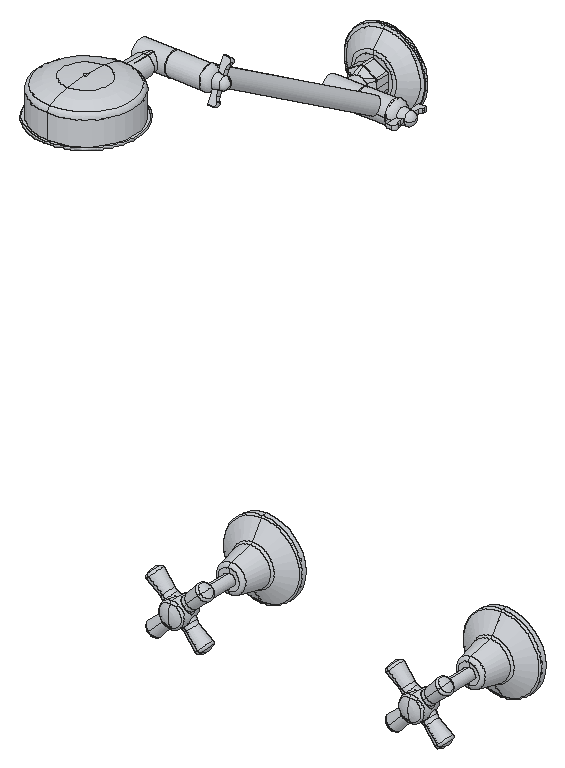
Revit family "Reece_Shower_Base_Shower Set_Anti-Vandal", category Plumbing Fixtures, Revit 2018
Family settings
  Round Connector Dimension = Use Diameter
  Part Type = Normal
  Work Plane-Based = Yes
  Always vertical = Yes
  Cut with Voids When Loaded = Yes
  Shared = Yes
  Room Calculation Point = Yes
Parameters (values of type "Chrome")
  URL = "https://www.reece.com.au/product/-9505432"
  Type Comments = "Shower"
  Reece_Tap_Axis Distance [instance] = 200 mm
  Reece_Detail_Disclaimer = "THIS FILE IS THE PROPERTY OF THE REECE GROUP. IT MAY NOT BE REPRODUCED, REVERSE-ENGINEERED OR MODIFIED. ANY REPUBLICATION, TRANSMISSION OR DISTRIBUTION FOR THE PURPOSE OF COMMERCIALLY EXPLOITING THE FILES IS PROHIBITED."  # constant formula
  Reece_Axis_Offset [instance] = if(Reece_Tap_Axis Distance < 100 mm, 100 mm, if(Reece_Tap_Axis Distance > 55 mm, Reece_Tap_Axis Distance, Reece_Tap_Axis Distance))  # 200 mm
  Reece_Shower_Head_Width = 80 mm  # constant formula
  Reece_Shower_Reach = 228 mm  # constant formula
  Reece_Shower_Inlet = 12 mm  # constant formula
  Reece_Shower Head_Rotation [instance] = 120.00°
  Reece_Rotation [instance] = if(Reece_Shower Head_Rotation < 25.00°, 25.00°, if(Reece_Shower Head_Rotation > 180.00°, 180.00°, Reece_Shower Head_Rotation))  # 120.00°
  Reece_Product_Web Page = "https://www.reece.com.au/product/-9505432"
  Reece_Product_Type = "Shower"  # constant formula
  Reece_Product_Sub Brand = "Base"  # constant formula
  Reece_Product_Number = "9505432"
  Reece_Product_Mount = "Wall Mounted"
  Reece_Product_Description = "Base Shower Set Anti-Vandal Chrome (3 Star)"
  Reece_Product_Brand = "Base"  # constant formula
  Reece_Mixer_Height [instance] = 800 mm
  Reece_Material_Secondary = Reece_Brass_Chrome
  Reece_Material_Main = Reece_Brass_Chrome
  Reece_Material_Colour = Reece_Plastic_White
  Reece_Height_From_Level [instance] = 1200 mm
  Reece_Detail_Installation = "Shower Set"  # constant formula
  Reece_Detail_Additional = "Anti-Vandal"  # constant formula
  Model = "Base"
  Manufacturer = "Base"
  Keynote = "Product #9505432, Reece_Shower_Base_Shower Set_Anti-Vandal - Chrome"
  Disclaimer = "THIS FILE IS THE PROPERTY OF THE REECE GROUP. IT MAY NOT BE REPRODUCED, REVERSE-ENGINEERED OR MODIFIED. ANY REPUBLICATION, TRANSMISSION OR DISTRIBUTION FOR THE PURPOSE OF COMMERCIALLY EXPLOITING THE FILES IS PROHIBITED."  # constant formula
  Description = "Base Shower Set Anti-Vandal Chrome (3 Star)"
  Default Elevation = 0 mm
Reference planes
  plane 1 "Center (Front/Back)": y = 0
  plane 2 "Height From Floor": z = 1200
  plane 3 "Center (Left/Right)": x = 0
  plane 4 "Bottom Of Invisible Line": z = -5
  plane 5: y = -42.55
  plane 6: x = 40.36
  plane 7: z = 800
  plane 8: x = -100
  plane 9: x = 100
Lines and regions (mm)
  model lines, style "InvisibleLines"
    curve 1: line (0, 0, -5) -> (0, 0, 1200)
Text (mm)
  text "Reece ©" at (2396.383, -2145.859, 3474.57), in view "Reece Preview"
  text "Reece Copyright © 2018, Reece Ltd." at (74.481, -287.154, 0), in view "Ref. Level"
Dimensions and locks
  level to plane 2 "Height From Floor" = 1200 mm
  locked: level to plane 4 "Bottom Of Invisible Line" at 5
  "Reece_Height_From_Level": plane 2 "Height From Floor" to level
  "Reece_Axis_Offset": plane 8 to plane 9
  plane 8 to plane 9 = 200 mm
  plane 2 "Height From Floor" to level = 1200 mm
  plane 2 "Height From Floor" to plane 7 = 400 mm
  equal spacing: plane 8, plane 3 "Center (Left/Right)", plane 9
  "Reece_Mixer_Height": plane 7 to level
  aligned and locked: plane 2 "Height From Floor" to curve 1
  aligned and locked: plane 4 "Bottom Of Invisible Line" to curve 1
  aligned and locked: plane 3 "Center (Left/Right)" to curve 1
  aligned and locked: nested 1 to plane 2 "Height From Floor"
  aligned and locked: nested 2 to plane 7
  aligned and locked: nested 3 to plane 7
  aligned and locked: nested 2 to plane 8
  aligned and locked: nested 3 to plane 9
Automatic sketch dimensions
  curve 1 to plane 3 "Center (Left/Right)" = 0 mm
Nested families
  nested 1: "Reece_Shower_Base_Shower Set_Anti-Vandal_Nested" at (0, 0, 1200), Reece_Material_Main <- "Reece_Material_Main", Reece_Material_Secondary <- "Reece_Material_Secondary", Reece_Shower_Head_Rotation <- "Reece_Shower Head_Rotation", type "Reece_Shower_Base_Shower Set_Anti-Vandal_Nested"
    with Reece_Shower_Head_Rotation 120.00°, Reece_Rotation 120.00°, Reece_Material_Secondary Reece_Brass_Chrome, Reece_Material_Main Reece_Brass_Chrome
  nested 2: "Reece_Tap_Base_Wall Top Assembly_Anti Vandal_Nested" at (-100, 0, 800) x (1, 0, 0) z (0, -1, 0), Reece_Material_Main <- "Reece_Material_Main", type "Reece_Tap_Base_Wall Top Assembly_Nested"
    with Reece_Material_Main Reece_Brass_Chrome
  nested 3: "Reece_Tap_Base_Wall Top Assembly_Anti Vandal_Nested" at (100, 0, 800) x (1, 0, 0) z (0, -1, 0), Reece_Material_Main <- "Reece_Material_Main", type "Reece_Tap_Base_Wall Top Assembly_Nested"
    with Reece_Material_Main Reece_Brass_Chrome
Connectors
  piping at (0, 0, 1200), diameter 12, driven by "Reece_Shower_Inlet"
    settings: on nested 1, index 4, connector inside diameter 609.6 mm, connector length 0 mm, flow factor 0, pipe flow 0.0 L/s, pressure drop 0.0 Pa, fitting loss kfactor 0, connector angle 0.00°, fixture units 0, engagement length 0 mm, angle of deflection 0.00°, flow configuration 0, flow direction 1, fitting loss method 0, system type 29, joint type 0, gender type 0, connector reference index -1, connector utility 0, adjustable connector no, is connector primary yes, connector description ""
  piping at (100, -7.553, 800), diameter 12, driven by "Reece_Shower_Inlet"
    settings: on nested 3, index 5, connector inside diameter 609.6 mm, connector length 0 mm, flow factor 0, pipe flow 0.0 L/s, pressure drop 0.0 Pa, fitting loss kfactor 0, connector angle 0.00°, fixture units 0, engagement length 0 mm, angle of deflection 0.00°, flow configuration 0, flow direction 1, fitting loss method 0, system type 29, joint type 0, gender type 0, connector reference index -1, connector utility 0, adjustable connector no, is connector primary no, connector description ""
  piping at (-100, -7.553, 800), diameter 12, driven by "Reece_Shower_Inlet"
    settings: on nested 2, index 6, connector inside diameter 609.6 mm, connector length 0 mm, flow factor 0, pipe flow 0.0 L/s, pressure drop 0.0 Pa, fitting loss kfactor 0, connector angle 0.00°, fixture units 0, engagement length 0 mm, angle of deflection 0.00°, flow configuration 0, flow direction 1, fitting loss method 0, system type 29, joint type 0, gender type 0, connector reference index -1, connector utility 0, adjustable connector no, is connector primary no, connector description ""
Definition of nested family "Reece_Shower_Base_Shower Set_Anti-Vandal_Nested"
  Parameters (values of type "Reece_Shower_Base_Shower Set_Anti-Vandal_Nested")
    Waste Connection = no
    WFU = 0
    Vent Connection = no
    URL = ""
    Type Comments = ""
    Reece_Shower_Head_Rotation [instance] = 120.00°
    Reece_Rotation [instance] = if(Reece_Shower_Head_Rotation < 25.00°, 25.00°, if(Reece_Shower_Head_Rotation > 180.00°, 180.00°, Reece_Shower_Head_Rotation))  # 120.00°
    Reece_Material_Secondary [instance] = none
    Reece_Material_Main [instance] = none
    Model = ""
    Manufacturer = ""
    Keynote = ""
    HWFU = 0
    HW Connection = no
    Description = ""
    Default Elevation = 0 mm
    Cost = 0
    CWFU = 0
    CW Connection = no
    Assembly Code = ""
  Reference planes
    plane 1 "Center (Front/Back)": y = 0
    plane 2 "Height From Floor": z = 0
    plane 3 "Center (Left/Right)": x = 0
    plane 4 "Bottom Of Invisible Line": z = -5
    plane 5: y = -42.55
    plane 6: x = 40.36
  Forms (mm)
    Extrusion 1, solid, material <- "Reece_Material_Secondary"
      sketch origin (0, 0, 0) x (0, 1, 0) y (0, 0, 1)
        loop
          circle (-42.56, 0) r 5.325
      from -13.091 to -12.147
    Revolve 2, solid, material <- "Reece_Material_Main"
      sketch origin (8.752, 0, 0) x (1, 0, 0) y (0, 1, 0)
        loop
          line (-20.9, -42.56) -> (32.397, -42.56) -> (32.397, -33.06) -> (6.248, -33.06) -> (6.248, -35.451) -> (5.448, -35.451) -> (5.448, -33.06) -> (-21.843, -33.06) -> (-21.843, -37.235) -> (-20.9, -37.235) -> (-20.9, -42.56)
        axis (-21.843, -42.56) -> (32.397, -42.56)
      angle from 0 to 360
    Revolve 3, solid, material <- "Reece_Material_Main"
      sketch origin (8.752, 0, 0) x (1, 0, 0) y (0, 1, 0)
        loop
          line (-8.752, -42.56) -> (-8.752, -29.864) -> (-16.925, -29.864) -> (-16.925, -42.56) -> (-8.752, -42.56)
        axis (-8.752, -29.864) -> (-8.752, -42.56)
      angle from 0 to 360
    Revolve 4, solid, material <- "Reece_Material_Main"
      sketch origin (0, -20.158, 1168.688) x (0, -1, 0) y (0, 0, 1)
        loop
          line (-20.158, -1134.688) -> (-20.158, -1160.279) -> (-18.238, -1160.279) -> (-18.238, -1168.688) -> (-6.531, -1168.688) -> (-6.531, -1152.309)
          arc (-6.531, -1152.309) -> (-6.739, -1150.817) -> (-7.347, -1149.438) r 5.463
          arc (-7.347, -1149.438) -> (-11.825, -1143.152) -> (-17.088, -1137.506) r 58.856
          arc (-17.088, -1137.506) -> (-17.935, -1136.51) -> (-18.164, -1135.223) r 2.504
          arc (-18.164, -1135.223) -> (-18.345, -1134.842) -> (-18.737, -1134.688) r 0.574
          line (-18.737, -1134.688) -> (-20.158, -1134.688)
        axis (-20.158, -1168.688) -> (-6.531, -1168.688)
      angle from 0 to 360
    Revolve 5, solid, material <- "Reece_Material_Secondary"
      sketch origin (8.752, 0, 0) x (1, 0, 0) y (0, 1, 0)
        loop
          line (31.578, -42.531) -> (49.006, -42.531)
          arc (49.006, -42.531) -> (47.75, -39.039) -> (44.529, -37.196) r 5.368
          line (44.529, -37.196) -> (38.011, -36.099)
          arc (38.011, -36.099) -> (35.395, -33.223) -> (31.578, -32.484) r 6.17
          line (31.578, -32.484) -> (31.578, -42.531)
        axis (31.578, -42.531) -> (49.006, -42.531)
      angle from 0 to 360
    Sweep 6, solid, material <- "Reece_Material_Secondary"
      path origin (8.752, 0, 0) x (1, 0, 0) y (0, 1, 0)
        loop
          line (38.443, -59.478) -> (43.132, -59.208)
          arc (43.132, -59.208) -> (45.039, -58.142) -> (45.38, -55.984) r 2.5
          arc (45.38, -55.984) -> (45.159, -55.471) -> (44.829, -55.02) r 2.5
          arc (44.829, -55.02) -> (43.852, -53.452) -> (43.511, -51.637) r 5
          line (43.511, -51.637) -> (43.511, -32.799)
          arc (43.511, -32.799) -> (43.852, -30.984) -> (44.829, -29.416) r 5
          arc (44.829, -29.416) -> (45.159, -28.965) -> (45.38, -28.452) r 2.5
          arc (45.38, -28.452) -> (45.039, -26.294) -> (43.132, -25.228) r 2.5
          line (43.132, -25.228) -> (38.443, -24.958) -> (38.443, -59.478)
      profile origin (47.195, -42.218, 0) x (-1, 0, 0) y (0, 0, 1)
        loop
          line (-1.606, -1.5) -> (-0.169, -1.5)
          arc (-0.169, -1.5) -> (0, 0) -> (-0.169, 1.5) r 6.748
          line (-0.169, 1.5) -> (-1.606, 1.5) -> (-1.606, -1.5)
    Extrusion 7, solid, material <- "Reece_Material_Secondary"
      sketch origin (8.752, 0, 0) x (1, 0, 0) y (0, 1, 0)
        loop
          line (39.774, -58.067) -> (43.056, -57.878)
          arc (43.056, -57.878) -> (44.071, -57.151) -> (43.849, -55.921) r 1.168
          arc (43.849, -55.921) -> (42.611, -53.936) -> (42.179, -51.637) r 6.332
          line (42.179, -51.637) -> (42.179, -32.799)
          arc (42.179, -32.799) -> (42.611, -30.5) -> (43.849, -28.515) r 6.332
          arc (43.849, -28.515) -> (44.071, -27.285) -> (43.056, -26.558) r 1.168
          line (43.056, -26.558) -> (39.774, -26.369) -> (39.774, -58.067)
      from -1.5 to 1.5
    Revolve 8, solid, material <- "Reece_Material_Main"
      sketch origin (27.156, -239.815, 113.891) x (0, 0.5, 0.866025) y (-1, 0, 0)
        loop
          line (0.05, 39.304) -> (0.05, -16.233) -> (9.55, -16.233) -> (9.55, 12.156) -> (7.159, 12.156) -> (7.159, 12.956) -> (9.55, 12.956) -> (9.55, 40.247) -> (5.376, 40.247) -> (5.376, 39.304) -> (0.05, 39.304)
        axis (0.05, 40.247) -> (0.05, -16.233)
      angle from 0 to 360
    Extrusion 9, solid, material <- "Reece_Material_Secondary"
      sketch origin (-12.147, -239.789, 113.934) x (0, 0.5, 0.866025) y (0, 0.866025, -0.5)
        loop
          circle (0, 0) r 5.325
      from 0.943 to -27.291
    Extrusion 10, solid, material <- "Reece_Material_Main"
      sketch origin (0, 0, 0) x (1, 0, 0) y (0, 0, 1)
        loop
          line (-1, 13.279) -> (-11, 7.506)
          arc (-11, 7.506) -> (-11.732, 6.774) -> (-12, 5.774) r 2
          line (-12, 5.774) -> (-12, 0) -> (-12, -5.774)
          arc (-12, -5.774) -> (-11.732, -6.774) -> (-11, -7.506) r 2
          line (-11, -7.506) -> (-1, -13.279)
          arc (-1, -13.279) -> (0, -13.547) -> (1, -13.279) r 2
          line (1, -13.279) -> (11, -7.506)
          arc (11, -7.506) -> (11.732, -6.774) -> (12, -5.774) r 2
          line (12, -5.774) -> (12, 0) -> (12, 5.774)
          arc (12, 5.774) -> (11.732, 6.774) -> (11, 7.506) r 2
          line (11, 7.506) -> (1, 13.279)
          arc (1, 13.279) -> (0, 13.547) -> (-1, 13.279) r 2
      from 13.63 to 25.409
    Revolve 11, solid, material <- "Reece_Material_Main"
      sketch origin (27.156, -42.55, 0) x (0, -0.866025, 0.5) y (0, -0.5, -0.866025)
        loop
          line (227.782, 0) -> (0, 0) -> (0, -7) -> (227.782, -7) -> (227.782, 0)
        axis (0, 0) -> (227.782, 0)
      angle from 0 to 360
    Revolve 12, solid, material <- "Reece_Material_Secondary"
      sketch origin (27.156, -239.815, 113.891) x (0, 0.5, 0.866025) y (-1, 0, 0)
        loop
          line (0.07, -16.233) -> (0.07, -33.651)
          arc (0.07, -33.651) -> (3.333, -32.284) -> (5.037, -29.184) r 5.368
          line (5.037, -29.184) -> (6.134, -22.666)
          arc (6.134, -22.666) -> (9.009, -20.05) -> (9.749, -16.233) r 6.17
          line (9.749, -16.233) -> (0.07, -16.233)
        axis (0.07, -33.651) -> (0.07, -16.233)
      angle from 0 to 360
    Sweep 13, solid, material <- "Reece_Material_Secondary"
      path origin (27.156, -239.815, 113.891) x (0, 0.5, 0.866025) y (-1, 0, 0)
        loop
          line (-16.878, -23.098) -> (-16.607, -27.788)
          arc (-16.607, -27.788) -> (-15.541, -29.694) -> (-13.384, -30.035) r 2.5
          arc (-13.384, -30.035) -> (-12.871, -29.814) -> (-12.42, -29.484) r 2.5
          arc (-12.42, -29.484) -> (-10.852, -28.507) -> (-9.037, -28.166) r 5
          line (-9.037, -28.166) -> (9.801, -28.166)
          arc (9.801, -28.166) -> (11.617, -28.507) -> (13.185, -29.484) r 5
          arc (13.185, -29.484) -> (13.636, -29.814) -> (14.148, -30.035) r 2.5
          arc (14.148, -30.035) -> (16.306, -29.694) -> (17.372, -27.788) r 2.5
          line (17.372, -27.788) -> (17.642, -23.098) -> (-16.878, -23.098)
      profile origin (50.254, -239.623, 114.222) x (-1, 0, 0) y (0, -0.866025, 0.5)
        loop
          line (-1.606, 1.416) -> (-1.606, -1.584) -> (-0.169, -1.584)
          arc (-0.169, -1.584) -> (0, -0.084) -> (-0.169, 1.416) r 6.748
          line (-0.169, 1.416) -> (-1.606, 1.416)
    Extrusion 14, solid, material <- "Reece_Material_Secondary"
      sketch origin (27.156, -239.815, 113.891) x (0, 0.5, 0.866025) y (-1, 0, 0)
        loop
          line (-15.706, -24.203) -> (-15.503, -27.724)
          arc (-15.503, -27.724) -> (-14.635, -28.936) -> (-13.168, -28.67) r 1.394
          arc (-13.168, -28.67) -> (-11.254, -27.477) -> (-9.037, -27.06) r 6.106
          line (-9.037, -27.06) -> (9.801, -27.06)
          arc (9.801, -27.06) -> (12.018, -27.477) -> (13.933, -28.67) r 6.106
          arc (13.933, -28.67) -> (15.4, -28.936) -> (16.268, -27.724) r 1.394
          line (16.268, -27.724) -> (16.471, -24.203) -> (-15.706, -24.203)
      from -1.584 to 1.416
    Revolve 15, void
      sketch origin (27.156, -42.55, 0) x (0, -0.866025, 0.5) y (0, -0.5, -0.866025)
        loop
          line (0, -7) -> (10.141, -7) -> (10.141, 0) -> (0, 0) -> (0, -7)
        axis (10.141, 0) -> (0, 0)
      angle from 0 to 360
    Revolve 16, void
      sketch origin (0, -239.815, 113.891) x (0, -1, 0) y (0, 0, 1)
        loop
          line (0, 0) -> (0, -7.6) -> (35, -7.6) -> (35, 0) -> (0, 0)
        axis (0, 0) -> (35, 0)
      angle from 0 to 360
    Blend 17, solid, material <- "Reece_Material_Main"
      base sketch origin (0, -24.55, 1800) x (-1, 0, 0) y (0, 0, -1)
        loop
          line (-11, 1792.494) -> (-1, 1786.721)
          arc (-1, 1786.721) -> (0, 1786.453) -> (1, 1786.721) r 2
          line (1, 1786.721) -> (11, 1792.494)
          arc (11, 1792.494) -> (11.732, 1793.226) -> (12, 1794.226) r 2
          line (12, 1794.226) -> (12, 1800) -> (12, 1805.774)
          arc (12, 1805.774) -> (11.732, 1806.774) -> (11, 1807.506) r 2
          line (11, 1807.506) -> (1, 1813.279)
          arc (1, 1813.279) -> (0, 1813.547) -> (-1, 1813.279) r 2
          line (-1, 1813.279) -> (-11, 1807.506)
          arc (-11, 1807.506) -> (-11.732, 1806.774) -> (-12, 1805.774) r 2
          line (-12, 1805.774) -> (-12, 1800) -> (-12, 1794.226)
          arc (-12, 1794.226) -> (-11.732, 1793.226) -> (-11, 1792.494) r 2
      top sketch origin (0, -24.55, 1800) x (-1, 0, 0) y (0, 0, -1)
        loop
          arc (-7.101, 1795.9) -> (-5.798, 1794.202) -> (-4.1, 1792.899) r 8.2
          arc (-4.1, 1792.899) -> (-2.122, 1792.079) -> (0, 1791.8) r 8.2
          arc (0, 1791.8) -> (2.122, 1792.079) -> (4.1, 1792.899) r 8.2
          arc (4.1, 1792.899) -> (5.798, 1794.202) -> (7.101, 1795.9) r 8.2
          arc (7.101, 1795.9) -> (7.921, 1797.878) -> (8.2, 1800) r 8.2
          arc (8.2, 1800) -> (7.921, 1802.122) -> (7.101, 1804.1) r 8.2
          arc (7.101, 1804.1) -> (5.798, 1805.798) -> (4.1, 1807.101) r 8.2
          arc (4.1, 1807.101) -> (2.122, 1807.921) -> (0, 1808.2) r 8.2
          arc (0, 1808.2) -> (-2.122, 1807.921) -> (-4.1, 1807.101) r 8.2
          arc (-4.1, 1807.101) -> (-5.798, 1805.798) -> (-7.101, 1804.1) r 8.2
          arc (-7.101, 1804.1) -> (-7.921, 1802.122) -> (-8.2, 1800) r 8.2
          arc (-8.2, 1800) -> (-7.921, 1797.878) -> (-7.101, 1795.9) r 8.2
      from 0.859 to 5.314
  Cuts and joins
    Revolve 15 cuts Revolve 2
    joined: Revolve 2, Revolve 3, Revolve 4
    joined: Extrusion 1, Revolve 5
    Revolve 16 cuts Revolve 8
    joined: Revolve 8, Revolve 11
    joined: Sweep 13, Extrusion 14
    joined: Sweep 6, Extrusion 7
  Lines and regions (mm)
    model lines
      curve 1: line (0, 0, -5) -> (0, 0, 0)
    reference lines
      curve 2: line (0, 0, 0) -> (0, -42.55, 0)
      curve 3: line (0, -42.55, 0) -> (27.156, -42.55, 0)
      curve 4: line (27.156, -42.55, 0) -> (27.156, -239.815, 113.891)
      curve 5: line (27.156, -239.815, 113.891) -> (0, -239.815, 113.891)
      curve 6: line (0, -239.815, 113.891) -> (0, -284.815, 113.891)
      curve 7: line (0, -42.55, 0) -> (0, -239.815, 113.891)
  Text (mm)
    text "Reece ©" at (2257.856, -1913.499, 3845.457), in view "Reece Preview"
    text "Reece Copyright © 2018, Reece Ltd." at (74.481, -287.154, 0), in view "Ref. Level"
  Dimensions and locks
    level to plane 2 "Height From Floor" = 0 mm
    locked: level to plane 4 "Bottom Of Invisible Line" at 5
    plane 2 "Height From Floor" to level = 0 mm  (x2)
    locked: Revolve 16 sketch curve to Revolve 16 sketch curve at 7.6
    locked: Revolve 16 sketch curve to Revolve 16 sketch curve at 35
    Extrusion 9 to cut or joined group of Revolve 8, Revolve 11, Revolve 16 = 227.782 mm
    "Reece_Rotation": angle plane 5 to curve 4
    locked: plane 5 to curve 6 (angle 90.00°)
    aligned and locked: plane 2 "Height From Floor" to curve 1
    aligned and locked: plane 4 "Bottom Of Invisible Line" to curve 1
    aligned and locked: plane 3 "Center (Left/Right)" to curve 1
    aligned and locked: curve 2 to plane 2 "Height From Floor"
    aligned and locked: curve 3 to plane 2 "Height From Floor"
    aligned and locked: plane 2 "Height From Floor" to curve 3  (x2)
    aligned and locked: plane 5 to curve 4
    aligned and locked: plane 2 "Height From Floor" to curve 2
    aligned and locked: plane 2 "Height From Floor" to curve 4
    aligned and locked: curve 1 to curve 2
    aligned and locked: Revolve 16 sketch curve to curve 6
    aligned and locked: nested 1 to curve 6
  Automatic sketch dimensions
    Extrusion 1 sketch curve to plane 2 "Height From Floor" = 0 mm
    Extrusion 1 sketch curve to plane 5 = 0.01 mm
    Sweep 6 sketch curve to Sweep 6 sketch curve = 0 mm  (x4)
    Sweep 6 sketch curve to plane 6 = 6.835 mm
    Sweep 6 sketch curve to Sweep 6 sketch curve = 4.546 mm  (x2)
    Sweep 6 sketch curve to Sweep 6 sketch curve = 0.144 mm  (x2)
    Sweep 6 sketch curve to Sweep 6 sketch curve = 0.522 mm
    Sweep 6 sketch curve to Sweep 6 sketch curve = 5 mm  (x2)
    Sweep 6 sketch curve to plane 5 = 16.928 mm
    Sweep 6 sketch curve to Sweep 6 sketch curve = 0.27 mm  (x2)
    Sweep 6 sketch curve to Sweep 6 sketch curve = 2.496 mm  (x2)
    Sweep 6 sketch curve to Sweep 6 sketch curve = 5.075 mm  (x2)
    plane 5 to Sweep 6 sketch curve = 9.751 mm
    Sweep 6 sketch curve to Sweep 6 sketch curve = 0.551 mm  (x2)
    Extrusion 7 sketch curve to plane 6 = 8.167 mm
    Extrusion 7 sketch curve to Extrusion 7 sketch curve = 2.405 mm
    Extrusion 7 sketch curve to Extrusion 7 sketch curve = 3.214 mm  (x2)
    Extrusion 7 sketch curve to Extrusion 7 sketch curve = 0.067 mm  (x2)
    Extrusion 7 sketch curve to Extrusion 7 sketch curve = 6.332 mm  (x2)
    Extrusion 7 sketch curve to plane 5 = 15.517 mm
    Extrusion 7 sketch curve to Extrusion 7 sketch curve = 0.189 mm  (x2)
    Extrusion 7 sketch curve to Extrusion 7 sketch curve = 1.166 mm  (x2)
    Extrusion 7 sketch curve to Extrusion 7 sketch curve = 5.075 mm  (x2)
    plane 5 to Extrusion 7 sketch curve = 9.751 mm
    Revolve 8 sketch curve to Revolve 11 = 39.304 mm
    Revolve 8 sketch curve to Revolve 8 sketch curve = 5.325 mm
    Revolve 8 sketch curve to Revolve 11 = 12.956 mm
    Revolve 8 sketch curve to Revolve 8 sketch curve = 1.784 mm
    Revolve 8 sketch curve to Revolve 8 sketch curve = 9.5 mm
    Revolve 8 sketch curve to Revolve 8 sketch curve = 0 mm  (x2)
    Revolve 8 sketch curve to Revolve 8 sketch curve = 0.8 mm
    Revolve 11 to Revolve 8 sketch curve = 16.233 mm
    Revolve 8 sketch curve to Revolve 8 sketch curve = 0.943 mm
    Revolve 8 sketch curve to Revolve 8 sketch curve = 39.944 mm
    Revolve 8 sketch curve to Revolve 8 sketch curve = 4.52 mm
    curve 2 to plane 5 = 0 mm
    curve 2 to plane 1 "Center (Front/Back)" = 0 mm
    curve 3 to plane 3 "Center (Left/Right)" = 0 mm
    plane 6 to curve 3 = 13.203 mm
    curve 4 to Revolve 11 sketch curve = 0 mm
    Revolve 11 sketch curve to curve 4 = 0 mm  (x5)
    Revolve 11 sketch curve to curve 4 = 7 mm
    Sweep 13 sketch curve to Sweep 13 sketch curve = 0 mm  (x4)
    Revolve 11 to Sweep 13 sketch curve = 23.098 mm
    Revolve 11 to Sweep 13 sketch curve = 27.788 mm  (x2)
    Sweep 13 sketch curve to Sweep 13 sketch curve = 0.27 mm  (x2)
    Sweep 13 sketch curve to Sweep 13 sketch curve = 2.496 mm  (x2)
    Sweep 13 sketch curve to Sweep 13 sketch curve = 5.075 mm  (x2)
    Sweep 13 sketch curve to Sweep 13 sketch curve = 18.838 mm
    Sweep 13 sketch curve to Sweep 13 sketch curve = 0.379 mm
    Sweep 13 sketch curve to Sweep 13 sketch curve = 5 mm  (x2)
    Sweep 13 sketch curve to Sweep 13 sketch curve = 0.144 mm  (x2)
    Sweep 13 sketch curve to Sweep 13 sketch curve = 0.964 mm  (x2)
    curve 4 to Revolve 15 sketch curve = 0 mm  (x2)
    Revolve 15 sketch curve to curve 4 = 0 mm
    Revolve 15 sketch curve to curve 4 = 7 mm
    Revolve 15 sketch curve to Revolve 15 sketch curve = 10.141 mm
    Revolve 15 sketch curve to curve 4 = 0.072 mm
    Revolve 15 sketch curve to Revolve 15 sketch curve = 3.53 mm
    Revolve 4 sketch curve to plane 2 "Height From Floor" = 0 mm  (x2)
    Revolve 4 sketch curve to plane 1 "Center (Front/Back)" = 0 mm
    Revolve 4 sketch curve to plane 2 "Height From Floor" = 11.687 mm
    Revolve 4 sketch curve to Revolve 4 sketch curve = 1.421 mm
    Revolve 4 sketch curve to Revolve 4 sketch curve = 1.92 mm
    Revolve 4 sketch curve to Revolve 4 sketch curve = 3.067 mm
    plane 1 "Center (Front/Back)" to Revolve 4 sketch curve = 8.164 mm
    Revolve 4 sketch curve to Revolve 4 sketch curve = 5.463 mm
    plane 2 "Height From Floor" to Revolve 4 sketch curve = 8.409 mm
    Revolve 4 sketch curve to Revolve 4 sketch curve = 7.97 mm
    Revolve 4 sketch curve to Revolve 4 sketch curve = 14.176 mm
    Revolve 4 sketch curve to Revolve 4 sketch curve = 0.181 mm
    Revolve 4 sketch curve to Revolve 4 sketch curve = 0.574 mm
    Revolve 4 sketch curve to Revolve 4 sketch curve = 0.573 mm
    Revolve 4 sketch curve to Revolve 4 sketch curve = 1.075 mm
    Revolve 4 sketch curve to plane 5 = 22.63 mm
    Revolve 4 sketch curve to plane 1 "Center (Front/Back)" = 9.554 mm
    curve 5 to plane 3 "Center (Left/Right)" = 0 mm
    plane 6 to curve 5 = 13.203 mm
    curve 7 to plane 2 "Height From Floor" = 0 mm
    curve 7 to plane 5 = 0 mm
    curve 7 to curve 7 = 227.782 mm
    curve 6 to curve 7 = 0 mm
    curve 7 to curve 6 = 0 mm
    Revolve 16 sketch curve to curve 6 = 0 mm  (x3)
    Revolve 16 sketch curve to Revolve 16 sketch curve = 0.931 mm
    profile plane to Sweep 13 sketch curve = 0.169 mm  (x2)
    profile plane to Sweep 13 sketch curve = 1.416 mm
    Sweep 13 sketch curve to Sweep 13 sketch curve = 1.437 mm
    Sweep 13 sketch curve to profile plane = 0.084 mm
    Sweep 13 sketch curve to Sweep 13 sketch curve = 5.143 mm
    Revolve 11 to Extrusion 14 sketch curve = 27.644 mm
    Extrusion 14 sketch curve to Extrusion 14 sketch curve = 5.075 mm  (x2)
    Extrusion 14 sketch curve to Extrusion 14 sketch curve = 18.838 mm
    Revolve 11 to Extrusion 14 sketch curve = 27.724 mm
    Extrusion 14 sketch curve to Extrusion 14 sketch curve = 1.392 mm  (x2)
    Extrusion 14 sketch curve to Extrusion 14 sketch curve = 0.203 mm  (x2)
    Extrusion 14 sketch curve to Extrusion 14 sketch curve = 5.442 mm
    Extrusion 14 sketch curve to Extrusion 14 sketch curve = 0.08 mm
    Extrusion 14 sketch curve to Extrusion 14 sketch curve = 0.583 mm
    Extrusion 14 sketch curve to Extrusion 14 sketch curve = 2.336 mm
    Revolve 11 to Extrusion 14 sketch curve = 24.203 mm
    Extrusion 14 sketch curve to Extrusion 14 sketch curve = 0 mm
    plane 2 "Height From Floor" to Sweep 6 sketch curve = 0 mm
    profile plane to Sweep 6 sketch curve = 6.748 mm
    profile plane to Sweep 6 sketch curve = 1.606 mm
    profile plane to Sweep 6 sketch curve = 0.169 mm  (x2)
    Sweep 6 sketch curve to plane 2 "Height From Floor" = 1.5 mm
    curve 1 to plane 3 "Center (Left/Right)" = 0 mm
    plane 5 to Revolve 2 sketch curve = 5.315 mm
    Revolve 2 sketch curve to plane 3 "Center (Left/Right)" = 13.091 mm
    Revolve 2 sketch curve to Revolve 2 sketch curve = 0.943 mm
    plane 3 "Center (Left/Right)" to Revolve 2 sketch curve = 14.2 mm
    Revolve 2 sketch curve to Revolve 2 sketch curve = 0.8 mm
    Revolve 2 sketch curve to plane 6 = 0.789 mm
    Revolve 2 sketch curve to plane 5 = 0.01 mm  (x2)
    plane 5 to Revolve 2 sketch curve = 7.099 mm
    Revolve 2 sketch curve to Revolve 2 sketch curve = 4.175 mm
    plane 5 to Revolve 2 sketch curve = 9.49 mm
    Revolve 2 sketch curve to Revolve 2 sketch curve = 9.52 mm
    Revolve 3 sketch curve to plane 3 "Center (Left/Right)" = 0 mm  (x2)
    Revolve 3 sketch curve to Revolve 3 sketch curve = 8.173 mm
    Revolve 3 sketch curve to plane 5 = 0.01 mm
    plane 5 to Revolve 3 sketch curve = 12.686 mm
    Revolve 3 sketch curve to Revolve 3 sketch curve = 0 mm
    Revolve 3 sketch curve to Revolve 3 sketch curve = 35 mm
    Extrusion 10 sketch curve to plane 2 "Height From Floor" = 0 mm  (x2)
    Extrusion 10 sketch curve to plane 3 "Center (Left/Right)" = 0 mm  (x2)
    Extrusion 10 sketch curve to plane 3 "Center (Left/Right)" = 1 mm  (x2)
    Extrusion 10 sketch curve to plane 3 "Center (Left/Right)" = 10 mm  (x2)
    Extrusion 10 sketch curve to Extrusion 10 sketch curve = 1 mm  (x5)
    Extrusion 10 sketch curve to Extrusion 10 sketch curve = 2 mm
    plane 3 "Center (Left/Right)" to Extrusion 10 sketch curve = 1 mm  (x2)
    plane 3 "Center (Left/Right)" to Extrusion 10 sketch curve = 10 mm  (x2)
    Extrusion 10 sketch curve to plane 2 "Height From Floor" = 5.774 mm  (x2)
    Extrusion 10 sketch curve to Extrusion 10 sketch curve = 5.774 mm  (x2)
    Extrusion 10 sketch curve to Extrusion 10 sketch curve = 1.732 mm  (x2)
    plane 2 "Height From Floor" to Extrusion 10 sketch curve = 5.774 mm  (x2)
    Blend 17 sketch curve to plane 2 "Height From Floor" = 0 mm  (x3)
    Blend 17 sketch curve to plane 3 "Center (Left/Right)" = 0 mm  (x3)
    plane 3 "Center (Left/Right)" to Blend 17 sketch curve = 1 mm  (x2)
    plane 3 "Center (Left/Right)" to Blend 17 sketch curve = 10 mm  (x2)
    Blend 17 sketch curve to Blend 17 sketch curve = 1 mm  (x5)
    Blend 17 sketch curve to Blend 17 sketch curve = 2 mm
    Blend 17 sketch curve to plane 3 "Center (Left/Right)" = 1 mm  (x2)
    Blend 17 sketch curve to plane 3 "Center (Left/Right)" = 10 mm  (x2)
    plane 2 "Height From Floor" to Blend 17 sketch curve = 5.774 mm  (x2)
    Blend 17 sketch curve to Blend 17 sketch curve = 5.774 mm  (x2)
    Blend 17 sketch curve to Blend 17 sketch curve = 1.732 mm  (x2)
    Blend 17 sketch curve to plane 2 "Height From Floor" = 5.774 mm  (x2)
    Revolve 4 sketch curve to Revolve 4 sketch curve = 27.703 mm
    Blend 17 sketch curve to Blend 17 sketch curve = 0 mm  (x132)
    plane 3 "Center (Left/Right)" to Blend 17 sketch curve = 4.1 mm  (x2)
    Blend 17 sketch curve to Blend 17 sketch curve = 3.001 mm  (x2)
    Blend 17 sketch curve to Blend 17 sketch curve = 1.099 mm
    Blend 17 sketch curve to plane 3 "Center (Left/Right)" = 4.1 mm  (x2)
    Blend 17 sketch curve to plane 2 "Height From Floor" = 4.1 mm
    plane 2 "Height From Floor" to Blend 17 sketch curve = 4.1 mm
    plane 5 to Revolve 5 sketch curve = 0.019 mm  (x2)
    plane 6 to Revolve 5 sketch curve = 0.03 mm
    Revolve 5 sketch curve to plane 6 = 0.765 mm
    Revolve 5 sketch curve to Revolve 5 sketch curve = 5.639 mm
    plane 5 to Revolve 5 sketch curve = 0.06 mm
    Revolve 5 sketch curve to Revolve 5 sketch curve = 5.626 mm
    plane 5 to Revolve 5 sketch curve = 5.354 mm
    Revolve 5 sketch curve to Revolve 5 sketch curve = 0.891 mm
    plane 5 to Revolve 5 sketch curve = 3.948 mm
    Revolve 5 sketch curve to Revolve 5 sketch curve = 2.503 mm
    Revolve 5 sketch curve to Revolve 5 sketch curve = 2.046 mm
    Revolve 5 sketch curve to Revolve 5 sketch curve = 0.937 mm
    Revolve 2 sketch curve to Revolve 2 sketch curve = 42.184 mm
    Revolve 11 to Revolve 12 sketch curve = 28.293 mm
    Revolve 12 sketch curve to Revolve 12 sketch curve = 0.327 mm
    Revolve 12 sketch curve to Revolve 12 sketch curve = 3.561 mm
    Revolve 11 to Revolve 12 sketch curve = 29.184 mm
    Revolve 12 sketch curve to Revolve 12 sketch curve = 5.294 mm
    Revolve 11 to Revolve 12 sketch curve = 22.666 mm
    Revolve 12 sketch curve to Revolve 12 sketch curve = 2.503 mm
    Revolve 12 sketch curve to Revolve 12 sketch curve = 6.118 mm
    Revolve 12 sketch curve to Revolve 12 sketch curve = 5.639 mm
    Revolve 12 sketch curve to Revolve 12 sketch curve = 0 mm
    Revolve 12 sketch curve to Revolve 12 sketch curve = 2.046 mm
    Revolve 12 sketch curve to Revolve 12 sketch curve = 5.463 mm
    radius of Extrusion 1 sketch curve = 5.325 mm
    radius of Extrusion 9 sketch curve to Revolve 8 = 0 mm
  Nested families
    nested 1: "Reece_Shower_Base_Shower Set_Anti-Vandal_Head_Nested" at (0, -239.815, 111.55) x (1, 0, 0) z (0, -1, 0), Reece_Material_Main <- "Reece_Material_Main", Reece_Material_Secondary <- "Reece_Material_Secondary", type "Reece_Shower_Posh_Bristol_Shower Arm and Rose_Nested"
      with Reece_Material_Secondary none, Reece_Material_Main none
  Definition of nested family "Reece_Shower_Base_Shower Set_Anti-Vandal_Head_Nested"
    Parameters (values of type "Reece_Shower_Base_Shower Set_Anti-Vandal_Head_Nested")
      Waste Connection = no
      WFU = 0
      Vent Connection = no
      URL = ""
      Type Comments = ""
      Reece_Material_Secondary [instance] = none
      Reece_Material_Main [instance] = none
      Model = ""
      Manufacturer = ""
      Keynote = ""
      HWFU = 0
      HW Connection = no
      Description = ""
      Default Elevation = 0 mm
      Cost = 0
      CWFU = 0
      CW Connection = no
      Assembly Code = ""
    Reference planes
      plane 1 "Center (Front/Back)": y = 2.341
      plane 2: z = 0
      plane 3 "Center (Left/Right)": x = 0
      plane 4: z = 73.5
      plane 5: z = 113.515
      plane 6: y = -14.946
      plane 7: y = 21.054
      plane 8: x = -43
      plane 9: x = 43
      plane 10: z = 116.5
      plane 11: z = 30.5
    Forms (mm)
      Extrusion 1, solid
        sketch origin (619.2, 20, 0) x (1, 0, 0) y (0, 1, 0)
          loop
            line (-729.2, 77.341) -> (-729.2, -106.751) -> (-514.029, -106.751) -> (-514.029, 77.341) -> (-729.2, 77.341)
        from 0 to -35.776
      Revolve 2, solid, material <- "Reece_Material_Main"
        sketch origin (0, -8.5, 0) x (0, 1, 0) y (0, 0, 1)
          loop
            line (6.708, 35.346) -> (2.341, 35.346) -> (2.341, 13.425) -> (3.214, 12.921) -> (3.214, 0) -> (6.708, 0) -> (6.708, 35.346)
          axis (10.841, 35.346) -> (10.841, 0)
        angle from 0 to 360
      Revolve 3, solid, material <- "Reece_Material_Main"
        sketch origin (0, 19.56, 71.174) x (0, 0, 1) y (0, -1, 0)
          loop
            line (2.341, 34.416) -> (2.341, -1.495) -> (4.341, -1.495)
            arc (4.341, -1.495) -> (12.864, -1.267) -> (21.362, -0.586) r 159.931
            arc (21.362, -0.586) -> (30.81, 1.361) -> (39.707, 5.085) r 50
            arc (39.707, 5.085) -> (41.632, 6.924) -> (42.341, 9.49) r 5
            line (42.341, 9.49) -> (42.341, 29.416) -> (44.684, 29.416)
            arc (44.684, 29.416) -> (45.32, 30.003) -> (44.786, 30.685) r 0.639
            arc (44.786, 30.685) -> (23.631, 33.327) -> (2.341, 34.416) r 291.538
          axis (2.341, -1.495) -> (2.341, 34.416)
        angle from 0 to 360
      Extrusion 4, solid, material <- "Reece_Material_Secondary", detail levels fine
        sketch origin (-0.77, 19.56, 66.557) x (1, 0, 0) y (0, 0, 1)
          loop
            circle (0.77, 41.958) r 1
        from 29.416 to 31.878
      Extrusion 5, solid, material <- "Reece_Material_Secondary", detail levels fine
        sketch origin (-0.77, 19.56, 66.557) x (1, 0, 0) y (0, 0, 1)
          loop
            circle (0.77, -28.042) r 1
        from 29.416 to 31.878
      Extrusion 6, solid, material <- "Reece_Material_Secondary", detail levels fine
        sketch origin (-0.77, 19.56, 66.557) x (1, 0, 0) y (0, 0, 1)
          loop
            circle (6.531, 41.481) r 1
        from 29.416 to 31.878
      Extrusion 7, solid, material <- "Reece_Material_Secondary", detail levels fine
        sketch origin (-0.77, 19.56, 66.557) x (1, 0, 0) y (0, 0, 1)
          loop
            circle (12.135, 40.062) r 1
        from 29.416 to 31.878
      Extrusion 8, solid, material <- "Reece_Material_Secondary", detail levels fine
        sketch origin (-0.77, 19.56, 66.557) x (1, 0, 0) y (0, 0, 1)
          loop
            circle (17.429, 37.74) r 1
        from 29.416 to 31.878
      Extrusion 9, solid, material <- "Reece_Material_Secondary", detail levels fine
        sketch origin (-0.77, 19.56, 66.557) x (1, 0, 0) y (0, 0, 1)
          loop
            circle (22.268, 34.578) r 1
        from 29.416 to 31.878
      Extrusion 10, solid, material <- "Reece_Material_Secondary", detail levels fine
        sketch origin (-0.77, 19.56, 66.557) x (1, 0, 0) y (0, 0, 1)
          loop
            circle (26.521, 30.663) r 1
        from 29.416 to 31.878
      Extrusion 11, solid, material <- "Reece_Material_Secondary", detail levels fine
        sketch origin (-0.77, 19.56, 66.557) x (1, 0, 0) y (0, 0, 1)
          loop
            circle (30.071, 26.101) r 1
        from 29.416 to 31.878
      Extrusion 12, solid, material <- "Reece_Material_Secondary", detail levels fine
        sketch origin (-0.77, 19.56, 66.557) x (1, 0, 0) y (0, 0, 1)
          loop
            circle (32.823, 21.017) r 1
        from 29.416 to 31.878
      Extrusion 13, solid, material <- "Reece_Material_Secondary", detail levels fine
        sketch origin (-0.77, 19.56, 66.557) x (1, 0, 0) y (0, 0, 1)
          loop
            circle (34.7, 15.55) r 1
        from 29.416 to 31.878
      Extrusion 14, solid, material <- "Reece_Material_Secondary", detail levels fine
        sketch origin (-0.77, 19.56, 66.557) x (1, 0, 0) y (0, 0, 1)
          loop
            circle (35.651, 9.848) r 1
        from 29.416 to 31.878
      Extrusion 15, solid, material <- "Reece_Material_Secondary", detail levels fine
        sketch origin (-0.77, 19.56, 66.557) x (1, 0, 0) y (0, 0, 1)
          loop
            circle (35.651, 4.068) r 1
        from 29.416 to 31.878
      Extrusion 16, solid, material <- "Reece_Material_Secondary", detail levels fine
        sketch origin (-0.77, 19.56, 66.557) x (1, 0, 0) y (0, 0, 1)
          loop
            circle (34.7, -1.634) r 1
        from 29.416 to 31.878
      Extrusion 17, solid, material <- "Reece_Material_Secondary", detail levels fine
        sketch origin (-0.77, 19.56, 66.557) x (1, 0, 0) y (0, 0, 1)
          loop
            circle (32.823, -7.101) r 1
        from 29.416 to 31.878
      Extrusion 18, solid, material <- "Reece_Material_Secondary", detail levels fine
        sketch origin (-0.77, 19.56, 66.557) x (1, 0, 0) y (0, 0, 1)
          loop
            circle (30.071, -12.185) r 1
        from 29.416 to 31.878
      Extrusion 19, solid, material <- "Reece_Material_Secondary", detail levels fine
        sketch origin (-0.77, 19.56, 66.557) x (1, 0, 0) y (0, 0, 1)
          loop
            circle (26.521, -16.747) r 1
        from 29.416 to 31.878
      Extrusion 20, solid, material <- "Reece_Material_Secondary", detail levels fine
        sketch origin (-0.77, 19.56, 66.557) x (1, 0, 0) y (0, 0, 1)
          loop
            circle (22.268, -20.662) r 1
        from 29.416 to 31.878
      Extrusion 21, solid, material <- "Reece_Material_Secondary", detail levels fine
        sketch origin (-0.77, 19.56, 66.557) x (1, 0, 0) y (0, 0, 1)
          loop
            circle (17.429, -23.824) r 1
        from 29.416 to 31.878
      Extrusion 22, solid, material <- "Reece_Material_Secondary", detail levels fine
        sketch origin (0.77, -19.56, 66.557) x (-1, 0, 0) y (0, 0, 1)
          loop
            circle (-10.594, -26.146) r 1
        from 7.241 to 9.704
      Extrusion 23, solid, material <- "Reece_Material_Secondary", detail levels fine
        sketch origin (-0.385, -19.56, 66.525) x (-0.986361, 0, 0.164595) y (0.164595, 0, 0.986361)
          loop
            circle (-10.594, -26.146) r 1
        from 7.241 to 9.704
      Extrusion 24, solid, material <- "Reece_Material_Secondary", detail levels fine
        sketch origin (-2.634, 19.56, 80.001) x (-0.879474, 0, -0.475947) y (0.475947, 0, -0.879474)
          loop
            circle (-10.594, -26.146) r 1
        from 29.416 to 31.878
      Extrusion 25, solid, material <- "Reece_Material_Secondary", detail levels fine
        sketch origin (-3.666, 19.56, 79.479) x (-0.789141, 0, -0.614213) y (0.614213, 0, -0.789141)
          loop
            circle (-10.594, -26.146) r 1
        from 29.416 to 31.878
      Extrusion 26, solid, material <- "Reece_Material_Secondary", detail levels fine
        sketch origin (-4.597, 19.56, 78.794) x (-0.677282, 0, -0.735724) y (0.735724, 0, -0.677282)
          loop
            circle (-10.594, -26.146) r 1
        from 29.416 to 31.878
      Extrusion 27, solid, material <- "Reece_Material_Secondary", detail levels fine
        sketch origin (-5.404, 19.56, 77.966) x (-0.546948, 0, -0.837166) y (0.837166, 0, -0.546948)
          loop
            circle (-10.594, -26.146) r 1
        from 29.416 to 31.878
      Extrusion 28, solid, material <- "Reece_Material_Secondary", detail levels fine
        sketch origin (-6.062, 19.56, 77.016) x (-0.401695, 0, -0.915773) y (0.915773, 0, -0.401695)
          loop
            circle (-10.594, -26.146) r 1
        from 29.416 to 31.878
      Extrusion 29, solid, material <- "Reece_Material_Secondary", detail levels fine
        sketch origin (-6.556, 19.56, 75.97) x (-0.245485, 0, -0.9694) y (0.9694, 0, -0.245485)
          loop
            circle (-10.594, -26.146) r 1
        from 29.416 to 31.878
      Extrusion 30, solid, material <- "Reece_Material_Secondary", detail levels fine
        sketch origin (-6.871, 19.56, 74.857) x (-0.082579, 0, -0.996584) y (0.996584, 0, -0.082579)
          loop
            circle (-10.594, -26.146) r 1
        from 29.416 to 32
      Extrusion 31, solid, material <- "Reece_Material_Secondary", detail levels fine
        sketch origin (-6.998, 19.56, 73.708) x (0.082579, 0, -0.996584) y (0.996584, 0, 0.082579)
          loop
            circle (-10.594, -26.146) r 1
        from 29.416 to 32
      Extrusion 32, solid, material <- "Reece_Material_Secondary", detail levels fine
        sketch origin (-6.934, 19.56, 72.554) x (0.245485, 0, -0.9694) y (0.9694, 0, 0.245485)
          loop
            circle (-10.594, -26.146) r 1
        from 29.416 to 31.878
      Extrusion 33, solid, material <- "Reece_Material_Secondary", detail levels fine
        sketch origin (-6.681, 19.56, 71.426) x (0.401695, 0, -0.915773) y (0.915773, 0, 0.401695)
          loop
            circle (-10.594, -26.146) r 1
        from 29.416 to 31.878
      Extrusion 34, solid, material <- "Reece_Material_Secondary", detail levels fine
        sketch origin (-6.246, 19.56, 70.354) x (0.546948, 0, -0.837166) y (0.837166, 0, 0.546948)
          loop
            circle (-10.594, -26.146) r 1
        from 29.416 to 31.878
      Extrusion 35, solid, material <- "Reece_Material_Secondary", detail levels fine
        sketch origin (-5.641, 19.56, 69.369) x (0.677282, 0, -0.735724) y (0.735724, 0, 0.677282)
          loop
            circle (-10.594, -26.146) r 1
        from 29.416 to 31.878
      Extrusion 36, solid, material <- "Reece_Material_Secondary", detail levels fine
        sketch origin (-4.882, 19.56, 68.498) x (0.789141, 0, -0.614213) y (0.614213, 0, 0.789141)
          loop
            circle (-10.594, -26.146) r 1
        from 29.416 to 32
      Extrusion 37, solid, material <- "Reece_Material_Secondary", detail levels fine
        sketch origin (-3.989, 19.56, 67.762) x (0.879474, 0, -0.475947) y (0.475947, 0, 0.879474)
          loop
            circle (-10.594, -26.146) r 1
        from 29.416 to 31.878
      Extrusion 38, solid, material <- "Reece_Material_Secondary", detail levels fine
        sketch origin (-2.988, 19.56, 67.184) x (0.945817, 0, -0.324699) y (0.324699, 0, 0.945817)
          loop
            circle (-10.594, -26.146) r 1
        from 29.416 to 32
      Extrusion 39, solid, material <- "Reece_Material_Secondary", detail levels fine
        sketch origin (-1.905, 19.56, 66.779) x (0.986361, 0, -0.164595) y (0.164595, 0, 0.986361)
          loop
            circle (-10.594, -26.146) r 1
        from 29.416 to 31.878
      Extrusion 40, solid, material <- "Reece_Material_Secondary", detail levels fine
        sketch origin (-0.77, 19.56, 66.557) x (1, 0, 0) y (0, 0, 1)
          loop
            circle (-10.594, -26.146) r 1
        from 29.416 to 31.878
      Extrusion 41, solid, material <- "Reece_Material_Secondary", detail levels fine
        sketch origin (0.385, 19.56, 66.525) x (0.986361, 0, 0.164595) y (-0.164595, 0, 0.986361)
          loop
            circle (-10.594, -26.146) r 1
        from 29.416 to 31.878
      Extrusion 42, solid, material <- "Reece_Material_Secondary", detail levels fine
        sketch origin (0.521, 19.56, 80.478) x (-0.974928, 0, 0.222521) y (-0.222521, 0, -0.974928)
          loop
            circle (-7.717, 36.152) r 1
        from 29.416 to 32.443
      Extrusion 43, solid, material <- "Reece_Material_Secondary", detail levels fine
        sketch origin (-0.521, 19.56, 66.552) x (0.974928, 0, -0.222521) y (0.222521, 0, 0.974928)
          loop
            circle (-7.717, 36.152) r 1
        from 29.416 to 32.443
      Extrusion 44, solid, material <- "Reece_Material_Secondary", detail levels fine
        sketch origin (-0.521, 19.387, 66.552) x (0.974928, 0, -0.222521) y (0.222521, 0, 0.974928)
          loop
            circle (11.975, -20.125) r 1
        from 29.416 to 32.443
      Extrusion 45, solid, material <- "Reece_Material_Secondary", detail levels fine
        sketch origin (-0.521, 19.387, 66.552) x (0.974928, 0, -0.222521) y (0.222521, 0, 0.974928)
          loop
            circle (17.663, -16.551) r 1
        from 29.416 to 32.443
      Extrusion 46, solid, material <- "Reece_Material_Secondary", detail levels fine
        sketch origin (-0.521, 19.387, 66.552) x (0.974928, 0, -0.222521) y (0.222521, 0, 0.974928)
          loop
            circle (22.413, -11.8) r 1
        from 29.416 to 32.443
      Extrusion 47, solid, material <- "Reece_Material_Secondary", detail levels fine
        sketch origin (-0.521, 19.387, 66.552) x (0.974928, 0, -0.222521) y (0.222521, 0, 0.974928)
          loop
            circle (25.987, -6.112) r 1
        from 29.416 to 32.443
      Extrusion 48, solid, material <- "Reece_Material_Secondary", detail levels fine
        sketch origin (-0.521, 19.387, 66.552) x (0.974928, 0, -0.222521) y (0.222521, 0, 0.974928)
          loop
            circle (28.206, 0.229) r 1
        from 29.416 to 32.443
      Extrusion 49, solid, material <- "Reece_Material_Secondary", detail levels fine
        sketch origin (-0.521, 19.387, 66.552) x (0.974928, 0, -0.222521) y (0.222521, 0, 0.974928)
          loop
            circle (28.958, 6.904) r 1
        from 29.416 to 32.443
      Extrusion 50, solid, material <- "Reece_Material_Secondary", detail levels fine
        sketch origin (-0.521, 19.387, 66.552) x (0.974928, 0, -0.222521) y (0.222521, 0, 0.974928)
          loop
            circle (28.206, 13.58) r 1
        from 29.416 to 32.443
      Extrusion 51, solid, material <- "Reece_Material_Secondary", detail levels fine
        sketch origin (-0.521, 19.214, 66.552) x (0.974928, 0, -0.222521) y (0.222521, 0, 0.974928)
          loop
            circle (25.987, 19.921) r 1
        from 29.416 to 32.443
      Extrusion 52, solid, material <- "Reece_Material_Secondary", detail levels fine
        sketch origin (-0.521, 19.387, 66.552) x (0.974928, 0, -0.222521) y (0.222521, 0, 0.974928)
          loop
            circle (22.413, 25.609) r 1
        from 29.416 to 32.443
      Extrusion 53, solid, material <- "Reece_Material_Secondary", detail levels fine
        sketch origin (-0.521, 19.387, 66.552) x (0.974928, 0, -0.222521) y (0.222521, 0, 0.974928)
          loop
            circle (17.663, 30.359) r 1
        from 29.416 to 32.443
      Extrusion 54, solid, material <- "Reece_Material_Secondary", detail levels fine
        sketch origin (-0.521, 19.387, 66.552) x (0.974928, 0, -0.222521) y (0.222521, 0, 0.974928)
          loop
            circle (11.975, 33.933) r 1
        from 29.416 to 32.443
      Extrusion 55, solid, material <- "Reece_Material_Secondary", detail levels fine
        sketch origin (-0.521, 19.387, 66.552) x (0.974928, 0, -0.222521) y (0.222521, 0, 0.974928)
          loop
            circle (5.634, 36.152) r 1
        from 29.416 to 32.443
      Extrusion 56, solid, material <- "Reece_Material_Secondary", detail levels fine
        sketch origin (0.521, -19.937, 66.552) x (-0.974928, 0, -0.222521) y (-0.222521, 0, 0.974928)
          loop
            circle (-14.058, 33.933) r 1
        from 6.881 to 9.704
      Extrusion 57, solid, material <- "Reece_Material_Secondary", detail levels fine
        sketch origin (3.49, 19.387, 79.563) x (-0.781831, 0, 0.62349) y (-0.62349, 0, -0.781831)
          loop
            circle (-14.058, 33.933) r 1
        from 29.416 to 32.443
      Extrusion 58, solid, material <- "Reece_Material_Secondary", detail levels fine
        sketch origin (4.749, 19.387, 78.634) x (-0.62349, 0, 0.781831) y (-0.781831, 0, -0.62349)
          loop
            circle (-14.058, 33.933) r 1
        from 29.416 to 32.443
      Extrusion 59, solid, material <- "Reece_Material_Secondary", detail levels fine
        sketch origin (5.769, 19.387, 77.449) x (-0.433884, 0, 0.900969) y (-0.900969, 0, -0.433884)
          loop
            circle (-14.058, 33.933) r 1
        from 29.416 to 32.443
      Extrusion 60, solid, material <- "Reece_Material_Secondary", detail levels fine
        sketch origin (6.5, 19.56, 76.067) x (-0.222521, 0, 0.974928) y (-0.974928, 0, -0.222521)
          loop
            circle (-14.058, 33.933) r 1
        from 29.416 to 32.616
      Extrusion 61, solid, material <- "Reece_Material_Secondary", detail levels fine
        sketch origin (6.904, 19.387, 74.557) x (0, 0, 1) y (-1, 0, 0)
          loop
            circle (-14.058, 33.933) r 1
        from 29.416 to 32.443
      Extrusion 62, solid, material <- "Reece_Material_Secondary", detail levels fine
        sketch origin (6.963, 19.387, 72.994) x (0.222521, 0, 0.974928) y (-0.974928, 0, 0.222521)
          loop
            circle (-14.058, 33.933) r 1
        from 29.416 to 32.443
      Extrusion 63, solid, material <- "Reece_Material_Secondary", detail levels fine
        sketch origin (6.673, 19.214, 71.458) x (0.433884, 0, 0.900969) y (-0.900969, 0, 0.433884)
          loop
            circle (-14.058, 33.933) r 1
        from 29.416 to 32.443
      Extrusion 64, solid, material <- "Reece_Material_Secondary", detail levels fine
        sketch origin (6.048, 19.387, 70.025) x (0.62349, 0, 0.781831) y (-0.781831, 0, 0.62349)
          loop
            circle (-14.058, 33.933) r 1
        from 29.416 to 32.443
      Extrusion 65, solid, material <- "Reece_Material_Secondary", detail levels fine
        sketch origin (5.119, 19.387, 68.766) x (0.781831, 0, 0.62349) y (-0.62349, 0, 0.781831)
          loop
            circle (-14.058, 33.933) r 1
        from 29.416 to 32.443
      Extrusion 66, solid, material <- "Reece_Material_Secondary", detail levels fine
        sketch origin (3.934, 19.387, 67.746) x (0.900969, 0, 0.433884) y (-0.433884, 0, 0.900969)
          loop
            circle (-14.058, 33.933) r 1
        from 29.416 to 32.443
      Extrusion 67, solid, material <- "Reece_Material_Secondary", detail levels fine
        sketch origin (2.552, 19.387, 67.016) x (0.974928, 0, 0.222521) y (-0.222521, 0, 0.974928)
          loop
            circle (-14.058, 33.933) r 1
        from 29.416 to 32.443
      Extrusion 68, solid, material <- "Reece_Material_Secondary", detail levels fine
        sketch origin (1.042, 19.387, 66.611) x (1, 0, 0) y (0, 0, 1)
          loop
            circle (-14.058, 33.933) r 1
        from 29.416 to 32.443
      Extrusion 69, solid, material <- "Reece_Material_Secondary", detail levels fine
        sketch origin (-0.521, 19.387, 66.552) x (0.974928, 0, -0.222521) y (0.222521, 0, 0.974928)
          loop
            circle (-14.058, 33.933) r 1
        from 29.416 to 32.443
      Extrusion 70, solid, material <- "Reece_Material_Secondary", detail levels fine
        sketch origin (-0.659, 19.56, 66.588) x (0.959493, 0, -0.281733) y (0.281733, 0, 0.959493)
          loop
            circle (5.724, -17.155) r 1
        from 29.416 to 32.993
      Extrusion 71, solid, material <- "Reece_Material_Secondary", detail levels fine
        sketch origin (-0.659, 19.56, 66.588) x (0.959493, 0, -0.281733) y (0.281733, 0, 0.959493)
          loop
            circle (-8.362, 30.819) r 1
        from 29.416 to 32.993
      Extrusion 72, solid, material <- "Reece_Material_Secondary", detail levels fine
        sketch origin (-0.659, 19.56, 66.588) x (0.959493, 0, -0.281733) y (0.281733, 0, 0.959493)
          loop
            circle (12.197, -14.199) r 1
        from 29.416 to 33.2
      Extrusion 73, solid, material <- "Reece_Material_Secondary", detail levels fine
        sketch origin (-0.659, 19.56, 66.588) x (0.959493, 0, -0.281733) y (0.281733, 0, 0.959493)
          loop
            circle (17.575, -9.539) r 1
        from 29.416 to 33.2
      Extrusion 74, solid, material <- "Reece_Material_Secondary", detail levels fine
        sketch origin (-0.659, 19.56, 66.588) x (0.959493, 0, -0.281733) y (0.281733, 0, 0.959493)
          loop
            circle (21.422, -3.553) r 1
        from 29.416 to 33.2
      Extrusion 75, solid, material <- "Reece_Material_Secondary", detail levels fine
        sketch origin (-0.659, 19.56, 66.588) x (0.959493, 0, -0.281733) y (0.281733, 0, 0.959493)
          loop
            circle (23.427, 3.274) r 1
        from 29.416 to 33.2
      Extrusion 76, solid, material <- "Reece_Material_Secondary", detail levels fine
        sketch origin (-0.659, 19.437, 66.588) x (0.959493, 0, -0.281733) y (0.281733, 0, 0.959493)
          loop
            circle (23.427, 10.39) r 1
        from 29.416 to 32.993
      Extrusion 77, solid, material <- "Reece_Material_Secondary", detail levels fine
        sketch origin (-0.659, 19.415, 66.588) x (0.959493, 0, -0.281733) y (0.281733, 0, 0.959493)
          loop
            circle (21.422, 17.218) r 1
        from 29.416 to 32.993
      Extrusion 78, solid, material <- "Reece_Material_Secondary", detail levels fine
        sketch origin (-0.659, 19.464, 66.588) x (0.959493, 0, -0.281733) y (0.281733, 0, 0.959493)
          loop
            circle (17.575, 23.204) r 1
        from 29.416 to 32.993
      Extrusion 79, solid, material <- "Reece_Material_Secondary", detail levels fine
        sketch origin (-0.659, 19.464, 66.588) x (0.959493, 0, -0.281733) y (0.281733, 0, 0.959493)
          loop
            circle (12.197, 27.863) r 1
        from 29.416 to 32.993
      Extrusion 80, solid, material <- "Reece_Material_Secondary", detail levels fine
        sketch origin (-0.659, 19.437, 66.588) x (0.959493, 0, -0.281733) y (0.281733, 0, 0.959493)
          loop
            circle (5.724, 30.819) r 1
        from 29.416 to 32.993
      Extrusion 81, solid, material <- "Reece_Material_Secondary", detail levels fine
        sketch origin (0.659, -19.498, 66.588) x (-0.959493, 0, -0.281733) y (-0.281733, 0, 0.959493)
          loop
            circle (-14.835, 27.863) r 1
        from 5.969 to 9.704
      Extrusion 82, solid, material <- "Reece_Material_Secondary", detail levels fine
        sketch origin (0.723, 19.56, 66.608) x (0.951057, 0, 0.309017) y (-0.309017, 0, 0.951057)
          loop
            circle (7.627, 25.814) r 1
        from 29.416 to 33.554
      Extrusion 83, solid, material <- "Reece_Material_Secondary", detail levels fine
        sketch origin (0.723, 19.56, 66.608) x (0.951057, 0, 0.309017) y (-0.309017, 0, 0.951057)
          loop
            circle (-4.734, -12.228) r 1
        from 29.416 to 33.554
      Extrusion 84, solid, material <- "Reece_Material_Secondary", detail levels fine
        sketch origin (0.723, 19.56, 66.608) x (0.951057, 0, 0.309017) y (-0.309017, 0, 0.951057)
          loop
            circle (13.202, 22.973) r 1
        from 29.416 to 33.554
      Extrusion 85, solid, material <- "Reece_Material_Secondary", detail levels fine
        sketch origin (0.723, 19.56, 66.608) x (0.951057, 0, 0.309017) y (-0.309017, 0, 0.951057)
          loop
            circle (17.627, 18.548) r 1
        from 29.416 to 33.554
      Extrusion 86, solid, material <- "Reece_Material_Secondary", detail levels fine
        sketch origin (0.723, 19.56, 66.608) x (0.951057, 0, 0.309017) y (-0.309017, 0, 0.951057)
          loop
            circle (20.468, 12.973) r 1
        from 29.416 to 33.554
      Extrusion 87, solid, material <- "Reece_Material_Secondary", detail levels fine
        sketch origin (0.723, 19.56, 66.608) x (0.951057, 0, 0.309017) y (-0.309017, 0, 0.951057)
          loop
            circle (21.447, 6.793) r 1
        from 29.416 to 33.554
      Extrusion 88, solid, material <- "Reece_Material_Secondary", detail levels fine
        sketch origin (0.723, 19.56, 66.608) x (0.951057, 0, 0.309017) y (-0.309017, 0, 0.951057)
          loop
            circle (20.468, 0.612) r 1
        from 29.416 to 33.554
      Extrusion 89, solid, material <- "Reece_Material_Secondary", detail levels fine
        sketch origin (0.723, 19.56, 66.608) x (0.951057, 0, 0.309017) y (-0.309017, 0, 0.951057)
          loop
            circle (17.627, -4.963) r 1
        from 29.416 to 33.554
      Extrusion 90, solid, material <- "Reece_Material_Secondary", detail levels fine
        sketch origin (0.723, 19.56, 66.608) x (0.951057, 0, 0.309017) y (-0.309017, 0, 0.951057)
          loop
            circle (13.202, -9.388) r 1
        from 29.416 to 33.554
      Extrusion 91, solid, material <- "Reece_Material_Secondary", detail levels fine
        sketch origin (0.723, 19.56, 66.608) x (0.951057, 0, 0.309017) y (-0.309017, 0, 0.951057)
          loop
            circle (7.627, -12.228) r 1
        from 29.416 to 33.554
      Extrusion 92, solid, material <- "Reece_Material_Secondary", detail levels fine
        sketch origin (1.016, -19.56, 66.725) x (-0.900969, 0, -0.433884) y (-0.433884, 0, 0.900969)
          loop
            circle (4.477, -6.956) r 1
        from 4.977 to 9.704
      Extrusion 93, solid, material <- "Reece_Material_Secondary", detail levels fine
        sketch origin (1.016, -19.56, 66.725) x (-0.900969, 0, -0.433884) y (-0.433884, 0, 0.900969)
          loop
            circle (-8.539, 20.073) r 1
        from 4.977 to 9.704
      Extrusion 94, solid, material <- "Reece_Material_Secondary", detail levels fine
        sketch origin (1.016, -19.56, 66.725) x (-0.900969, 0, -0.433884) y (-0.433884, 0, 0.900969)
          loop
            circle (-2.031, -8.442) r 1
        from 4.977 to 9.704
      Extrusion 95, solid, material <- "Reece_Material_Secondary", detail levels fine
        sketch origin (1.016, -19.56, 66.725) x (-0.900969, 0, -0.433884) y (-0.433884, 0, 0.900969)
          loop
            circle (-8.539, -6.956) r 1
        from 4.977 to 9.704
      Extrusion 96, solid, material <- "Reece_Material_Secondary", detail levels fine
        sketch origin (1.016, -19.56, 66.725) x (-0.900969, 0, -0.433884) y (-0.433884, 0, 0.900969)
          loop
            circle (-13.759, -2.794) r 1
        from 4.977 to 9.704
      Extrusion 97, solid, material <- "Reece_Material_Secondary", detail levels fine
        sketch origin (1.016, -19.56, 66.725) x (-0.900969, 0, -0.433884) y (-0.433884, 0, 0.900969)
          loop
            circle (-16.655, 3.22) r 1
        from 4.977 to 9.704
      Extrusion 98, solid, material <- "Reece_Material_Secondary", detail levels fine
        sketch origin (-0.723, -19.56, 66.608) x (-0.951057, 0, 0.309017) y (0.309017, 0, 0.951057)
          loop
            circle (-10.309, -9.388) r 1
        from 5.565 to 9.704
      Extrusion 99, solid, material <- "Reece_Material_Secondary", detail levels fine
        sketch origin (-1.016, 19.56, 66.725) x (0.900969, 0, -0.433884) y (0.433884, 0, 0.900969)
          loop
            circle (4.477, 20.073) r 1
        from 29.416 to 33.97
      Extrusion 100, solid, material <- "Reece_Material_Secondary", detail levels fine
        sketch origin (1.016, -19.56, 66.725) x (-0.900969, 0, -0.433884) y (-0.433884, 0, 0.900969)
          loop
            circle (-13.759, 15.911) r 1
        from 4.977 to 9.704
      Extrusion 101, solid, material <- "Reece_Material_Secondary", detail levels fine
        sketch origin (4.3, 19.56, 78.986) x (-0.654861, 0, 0.75575) y (-0.75575, 0, -0.654861)
          loop
            circle (-14.835, 27.863) r 1
        from 29.416 to 33.2
